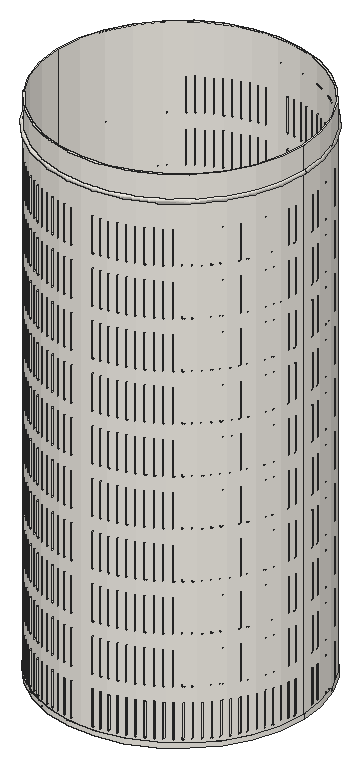
Revit family "Air Terminals_IQA", category Air Terminals, Revit 2017 (continued)
Definition of nested family "Void 3"
  Forms (mm)
    Extrusion 29, void
      sketch origin (0.003, -0.003, 240) x (0.685321, 0.728241, 0) y (0, 0, 1)
        loop
          arc (2.5, 100) -> (0, 102.5) -> (-2.5, 100) r 2.5
          line (-2.5, 100) -> (-2.5, 20)
          arc (-2.5, 20) -> (0, 17.5) -> (2.5, 20) r 2.5
          line (2.5, 20) -> (2.5, 100)
      from -319.154 to 326.21
    Extrusion 30, void
      sketch origin (-0.003, -0.003, 240) x (0.639876, -0.768478, 0) y (0, 0, 1)
        loop
          arc (2.5, 100) -> (0, 102.5) -> (-2.5, 100) r 2.5
          line (-2.5, 100) -> (-2.5, 20)
          arc (-2.5, 20) -> (0, 17.5) -> (2.5, 20) r 2.5
          line (2.5, 20) -> (2.5, 100)
      from -319.154 to 326.21
    Extrusion 31, void
      sketch origin (-0.003, -0.003, 240) x (0.592074, -0.805883, 0) y (0, 0, 1)
        loop
          arc (2.5, 100) -> (0, 102.5) -> (-2.5, 100) r 2.5
          line (-2.5, 100) -> (-2.5, 20)
          arc (-2.5, 20) -> (0, 17.5) -> (2.5, 20) r 2.5
          line (2.5, 20) -> (2.5, 100)
      from -319.154 to 326.21
    Extrusion 32, void
      sketch origin (-0.004, -0.002, 240) x (0.542091, -0.84032, 0) y (0, 0, 1)
        loop
          arc (2.5, 100) -> (0, 102.5) -> (-2.5, 100) r 2.5
          line (-2.5, 100) -> (-2.5, 20)
          arc (-2.5, 20) -> (0, 17.5) -> (2.5, 20) r 2.5
          line (2.5, 20) -> (2.5, 100)
      from -319.154 to 326.21
    Extrusion 33, void
      sketch origin (-0.004, -0.002, 240) x (0.49011, -0.87166, 0) y (0, 0, 1)
        loop
          arc (2.5, 100) -> (0, 102.5) -> (-2.5, 100) r 2.5
          line (-2.5, 100) -> (-2.5, 20)
          arc (-2.5, 20) -> (0, 17.5) -> (2.5, 20) r 2.5
          line (2.5, 20) -> (2.5, 100)
      from -319.154 to 326.21
    Extrusion 34, void
      sketch origin (-0.004, -0.002, 240) x (0.436324, -0.89979, 0) y (0, 0, 1)
        loop
          arc (2.5, 100) -> (0, 102.5) -> (-2.5, 100) r 2.5
          line (-2.5, 100) -> (-2.5, 20)
          arc (-2.5, 20) -> (0, 17.5) -> (2.5, 20) r 2.5
          line (2.5, 20) -> (2.5, 100)
      from -319.154 to 326.21
    Extrusion 35, void
      sketch origin (-0.004, -0.002, 240) x (0.38093, -0.924604, 0) y (0, 0, 1)
        loop
          arc (2.5, 100) -> (0, 102.5) -> (-2.5, 100) r 2.5
          line (-2.5, 100) -> (-2.5, 20)
          arc (-2.5, 20) -> (0, 17.5) -> (2.5, 20) r 2.5
          line (2.5, 20) -> (2.5, 100)
      from -319.154 to 326.21
    Extrusion 36, void
      sketch origin (-0.004, -0.001, 240) x (0.324133, -0.946012, 0) y (0, 0, 1)
        loop
          arc (2.5, 100) -> (0, 102.5) -> (-2.5, 100) r 2.5
          line (-2.5, 100) -> (-2.5, 20)
          arc (-2.5, 20) -> (0, 17.5) -> (2.5, 20) r 2.5
          line (2.5, 20) -> (2.5, 100)
      from -319.154 to 326.21
    Extrusion 37, void
      sketch origin (-0.004, -0.001, 240) x (0.266141, -0.963934, 0) y (0, 0, 1)
        loop
          arc (2.5, 100) -> (0, 102.5) -> (-2.5, 100) r 2.5
          line (-2.5, 100) -> (-2.5, 20)
          arc (-2.5, 20) -> (0, 17.5) -> (2.5, 20) r 2.5
          line (2.5, 20) -> (2.5, 100)
      from -319.154 to 326.21
    Extrusion 38, void
      sketch origin (-0.004, -0.001, 240) x (0.207169, -0.978305, 0) y (0, 0, 1)
        loop
          arc (2.5, 100) -> (0, 102.5) -> (-2.5, 100) r 2.5
          line (-2.5, 100) -> (-2.5, 20)
          arc (-2.5, 20) -> (0, 17.5) -> (2.5, 20) r 2.5
          line (2.5, 20) -> (2.5, 100)
      from -319.154 to 326.21
    Extrusion 39, void
      sketch origin (-0.004, -0.001, 240) x (0.147434, -0.989072, 0) y (0, 0, 1)
        loop
          arc (2.5, 100) -> (0, 102.5) -> (-2.5, 100) r 2.5
          line (-2.5, 100) -> (-2.5, 20)
          arc (-2.5, 20) -> (0, 17.5) -> (2.5, 20) r 2.5
          line (2.5, 20) -> (2.5, 100)
      from -319.154 to 326.21
    Extrusion 40, void
      sketch origin (0.003, -0.003, 240) x (0.639876, 0.768478, 0) y (0, 0, 1)
        loop
          arc (2.5, 100) -> (0, 102.5) -> (-2.5, 100) r 2.5
          line (-2.5, 100) -> (-2.5, 20)
          arc (-2.5, 20) -> (0, 17.5) -> (2.5, 20) r 2.5
          line (2.5, 20) -> (2.5, 100)
      from -319.154 to 326.21
    Extrusion 41, void
      sketch origin (0.003, -0.003, 240) x (0.592074, 0.805883, 0) y (0, 0, 1)
        loop
          arc (2.5, 100) -> (0, 102.5) -> (-2.5, 100) r 2.5
          line (-2.5, 100) -> (-2.5, 20)
          arc (-2.5, 20) -> (0, 17.5) -> (2.5, 20) r 2.5
          line (2.5, 20) -> (2.5, 100)
      from -319.154 to 326.21
    Extrusion 42, void
      sketch origin (0.004, -0.002, 240) x (0.542091, 0.84032, 0) y (0, 0, 1)
        loop
          arc (2.5, 100) -> (0, 102.5) -> (-2.5, 100) r 2.5
          line (-2.5, 100) -> (-2.5, 20)
          arc (-2.5, 20) -> (0, 17.5) -> (2.5, 20) r 2.5
          line (2.5, 20) -> (2.5, 100)
      from -319.154 to 326.21
    Extrusion 43, void
      sketch origin (0.004, -0.002, 240) x (0.49011, 0.87166, 0) y (0, 0, 1)
        loop
          arc (2.5, 100) -> (0, 102.5) -> (-2.5, 100) r 2.5
          line (-2.5, 100) -> (-2.5, 20)
          arc (-2.5, 20) -> (0, 17.5) -> (2.5, 20) r 2.5
          line (2.5, 20) -> (2.5, 100)
      from -319.154 to 326.21
    Extrusion 44, void
      sketch origin (0.004, -0.002, 240) x (0.436324, 0.89979, 0) y (0, 0, 1)
        loop
          arc (2.5, 100) -> (0, 102.5) -> (-2.5, 100) r 2.5
          line (-2.5, 100) -> (-2.5, 20)
          arc (-2.5, 20) -> (0, 17.5) -> (2.5, 20) r 2.5
          line (2.5, 20) -> (2.5, 100)
      from -319.154 to 326.21
    Extrusion 45, void
      sketch origin (0.004, -0.002, 240) x (0.38093, 0.924604, 0) y (0, 0, 1)
        loop
          arc (2.5, 100) -> (0, 102.5) -> (-2.5, 100) r 2.5
          line (-2.5, 100) -> (-2.5, 20)
          arc (-2.5, 20) -> (0, 17.5) -> (2.5, 20) r 2.5
          line (2.5, 20) -> (2.5, 100)
      from -319.154 to 326.21
    Extrusion 46, void
      sketch origin (0.004, -0.001, 240) x (0.324133, 0.946012, 0) y (0, 0, 1)
        loop
          arc (2.5, 100) -> (0, 102.5) -> (-2.5, 100) r 2.5
          line (-2.5, 100) -> (-2.5, 20)
          arc (-2.5, 20) -> (0, 17.5) -> (2.5, 20) r 2.5
          line (2.5, 20) -> (2.5, 100)
      from -319.154 to 326.21
    Extrusion 47, void
      sketch origin (0.004, -0.001, 240) x (0.266141, 0.963934, 0) y (0, 0, 1)
        loop
          arc (2.5, 100) -> (0, 102.5) -> (-2.5, 100) r 2.5
          line (-2.5, 100) -> (-2.5, 20)
          arc (-2.5, 20) -> (0, 17.5) -> (2.5, 20) r 2.5
          line (2.5, 20) -> (2.5, 100)
      from -319.154 to 326.21
    Extrusion 48, void
      sketch origin (0.004, -0.001, 240) x (0.207169, 0.978305, 0) y (0, 0, 1)
        loop
          arc (2.5, 100) -> (0, 102.5) -> (-2.5, 100) r 2.5
          line (-2.5, 100) -> (-2.5, 20)
          arc (-2.5, 20) -> (0, 17.5) -> (2.5, 20) r 2.5
          line (2.5, 20) -> (2.5, 100)
      from -319.154 to 326.21
    Extrusion 49, void
      sketch origin (0.004, -0.001, 240) x (0.147434, 0.989072, 0) y (0, 0, 1)
        loop
          arc (2.5, 100) -> (0, 102.5) -> (-2.5, 100) r 2.5
          line (-2.5, 100) -> (-2.5, 20)
          arc (-2.5, 20) -> (0, 17.5) -> (2.5, 20) r 2.5
          line (2.5, 20) -> (2.5, 100)
      from -319.154 to 326.21
  Cuts and joins
    Extrusion 2, Extrusion 3, Extrusion 4, Extrusion 5, Extrusion 6, Extrusion 7, Extrusion 8, Extrusion 9, Extrusion 10, Extrusion 11, Extrusion 12, Extrusion 13, Extrusion 14, Extrusion 15, Extrusion 16, Extrusion 17, Extrusion 18, Extrusion 19, Extrusion 20, Extrusion 21, Extrusion 22, Extrusion 23, Extrusion 24, Extrusion 25, Extrusion 26, Extrusion 27, Extrusion 28, Extrusion 29, Extrusion 30, Extrusion 31, Extrusion 32, Extrusion 33, Extrusion 34, Extrusion 35, Extrusion 36, Extrusion 37, Extrusion 38, Extrusion 39, Extrusion 40, Extrusion 41, Extrusion 42, Extrusion 43, Extrusion 44, Extrusion 45, Extrusion 46, Extrusion 47, Extrusion 48, Extrusion 49 cuts Extrusion 1
  Dimensions and locks
    "Maß A": plane 4 to level
    "Maß ØD-4": diameter of Extrusion 1 sketch curve
    "Maß ØD": diameter of Extrusion 1 sketch curve
    aligned and locked: level to plane 2
    aligned and locked: plane 4 to Extrusion 1
  Automatic sketch dimensions
    Extrusion 2 sketch curve to Extrusion 2 sketch curve = 2.5 mm
    Extrusion 2 sketch curve to Extrusion 2 sketch curve = 80.0 mm
    Extrusion 3 sketch curve to Extrusion 3 sketch curve = 2.5 mm
    Extrusion 3 sketch curve to Extrusion 3 sketch curve = 80.0 mm
    Extrusion 4 sketch curve to Extrusion 4 sketch curve = 2.5 mm
    Extrusion 4 sketch curve to Extrusion 4 sketch curve = 80.0 mm
    Extrusion 5 sketch curve to Extrusion 5 sketch curve = 2.5 mm
    Extrusion 5 sketch curve to Extrusion 5 sketch curve = 80.0 mm
    Extrusion 6 sketch curve to Extrusion 6 sketch curve = 2.5 mm
    Extrusion 6 sketch curve to Extrusion 6 sketch curve = 80.0 mm
    Extrusion 7 sketch curve to Extrusion 7 sketch curve = 2.5 mm
    Extrusion 7 sketch curve to Extrusion 7 sketch curve = 80.0 mm
    Extrusion 8 sketch curve to Extrusion 8 sketch curve = 2.5 mm
    Extrusion 8 sketch curve to Extrusion 8 sketch curve = 80.0 mm
    Extrusion 9 sketch curve to Extrusion 9 sketch curve = 2.5 mm
    Extrusion 9 sketch curve to Extrusion 9 sketch curve = 80.0 mm
    Extrusion 10 sketch curve to Extrusion 10 sketch curve = 2.5 mm
    Extrusion 10 sketch curve to Extrusion 10 sketch curve = 80.0 mm
    Extrusion 11 sketch curve to Extrusion 11 sketch curve = 2.5 mm
    Extrusion 11 sketch curve to Extrusion 11 sketch curve = 80.0 mm
    Extrusion 12 sketch curve to Extrusion 12 sketch curve = 2.5 mm
    Extrusion 12 sketch curve to Extrusion 12 sketch curve = 80.0 mm
    Extrusion 13 sketch curve to Extrusion 13 sketch curve = 2.5 mm
    Extrusion 13 sketch curve to Extrusion 13 sketch curve = 80.0 mm
    Extrusion 14 sketch curve to Extrusion 14 sketch curve = 2.5 mm
    Extrusion 14 sketch curve to Extrusion 14 sketch curve = 80.0 mm
    Extrusion 15 sketch curve to Extrusion 15 sketch curve = 2.5 mm
    Extrusion 15 sketch curve to Extrusion 15 sketch curve = 80.0 mm
    Extrusion 16 sketch curve to Extrusion 16 sketch curve = 2.5 mm
    Extrusion 16 sketch curve to Extrusion 16 sketch curve = 80.0 mm
    Extrusion 17 sketch curve to Extrusion 17 sketch curve = 2.5 mm
    Extrusion 17 sketch curve to Extrusion 17 sketch curve = 80.0 mm
    Extrusion 18 sketch curve to Extrusion 18 sketch curve = 2.5 mm
    Extrusion 18 sketch curve to Extrusion 18 sketch curve = 80.0 mm
    Extrusion 19 sketch curve to Extrusion 19 sketch curve = 2.5 mm
    Extrusion 19 sketch curve to Extrusion 19 sketch curve = 80.0 mm
    Extrusion 20 sketch curve to Extrusion 20 sketch curve = 2.5 mm
    Extrusion 20 sketch curve to Extrusion 20 sketch curve = 80.0 mm
    Extrusion 21 sketch curve to Extrusion 21 sketch curve = 2.5 mm
    Extrusion 21 sketch curve to Extrusion 21 sketch curve = 80.0 mm
    Extrusion 22 sketch curve to Extrusion 22 sketch curve = 2.5 mm
    Extrusion 22 sketch curve to Extrusion 22 sketch curve = 80.0 mm
    Extrusion 23 sketch curve to Extrusion 23 sketch curve = 2.5 mm
    Extrusion 23 sketch curve to Extrusion 23 sketch curve = 80.0 mm
    Extrusion 24 sketch curve to Extrusion 24 sketch curve = 2.5 mm
    Extrusion 24 sketch curve to Extrusion 24 sketch curve = 80.0 mm
    Extrusion 25 sketch curve to Extrusion 25 sketch curve = 2.5 mm
    Extrusion 25 sketch curve to Extrusion 25 sketch curve = 80.0 mm
    Extrusion 26 sketch curve to Extrusion 26 sketch curve = 2.5 mm
    Extrusion 26 sketch curve to Extrusion 26 sketch curve = 80.0 mm
    Extrusion 27 sketch curve to Extrusion 27 sketch curve = 2.5 mm
    Extrusion 27 sketch curve to Extrusion 27 sketch curve = 80.0 mm
    Extrusion 28 sketch curve to Extrusion 28 sketch curve = 2.5 mm
    Extrusion 28 sketch curve to Extrusion 28 sketch curve = 80.0 mm
    Extrusion 29 sketch curve to Extrusion 29 sketch curve = 2.5 mm
    Extrusion 29 sketch curve to Extrusion 29 sketch curve = 80.0 mm
    Extrusion 30 sketch curve to Extrusion 30 sketch curve = 2.5 mm
    Extrusion 30 sketch curve to Extrusion 30 sketch curve = 80.0 mm
    Extrusion 31 sketch curve to Extrusion 31 sketch curve = 2.5 mm
    Extrusion 31 sketch curve to Extrusion 31 sketch curve = 80.0 mm
    Extrusion 32 sketch curve to Extrusion 32 sketch curve = 2.5 mm
    Extrusion 32 sketch curve to Extrusion 32 sketch curve = 80.0 mm
    Extrusion 33 sketch curve to Extrusion 33 sketch curve = 2.5 mm
    Extrusion 33 sketch curve to Extrusion 33 sketch curve = 80.0 mm
    Extrusion 34 sketch curve to Extrusion 34 sketch curve = 2.5 mm
    Extrusion 34 sketch curve to Extrusion 34 sketch curve = 80.0 mm
    Extrusion 35 sketch curve to Extrusion 35 sketch curve = 2.5 mm
    Extrusion 35 sketch curve to Extrusion 35 sketch curve = 80.0 mm
    Extrusion 36 sketch curve to Extrusion 36 sketch curve = 2.5 mm
    Extrusion 36 sketch curve to Extrusion 36 sketch curve = 80.0 mm
    Extrusion 37 sketch curve to Extrusion 37 sketch curve = 2.5 mm
    Extrusion 37 sketch curve to Extrusion 37 sketch curve = 80.0 mm
    Extrusion 38 sketch curve to Extrusion 38 sketch curve = 2.5 mm
    Extrusion 38 sketch curve to Extrusion 38 sketch curve = 80.0 mm
    Extrusion 39 sketch curve to Extrusion 39 sketch curve = 2.5 mm
    Extrusion 39 sketch curve to Extrusion 39 sketch curve = 80.0 mm
    Extrusion 40 sketch curve to Extrusion 40 sketch curve = 2.5 mm
    Extrusion 40 sketch curve to Extrusion 40 sketch curve = 80.0 mm
    Extrusion 41 sketch curve to Extrusion 41 sketch curve = 2.5 mm
    Extrusion 41 sketch curve to Extrusion 41 sketch curve = 80.0 mm
    Extrusion 42 sketch curve to Extrusion 42 sketch curve = 2.5 mm
    Extrusion 42 sketch curve to Extrusion 42 sketch curve = 80.0 mm
    Extrusion 43 sketch curve to Extrusion 43 sketch curve = 2.5 mm
    Extrusion 43 sketch curve to Extrusion 43 sketch curve = 80.0 mm
    Extrusion 44 sketch curve to Extrusion 44 sketch curve = 2.5 mm
    Extrusion 44 sketch curve to Extrusion 44 sketch curve = 80.0 mm
    Extrusion 45 sketch curve to Extrusion 45 sketch curve = 2.5 mm
    Extrusion 45 sketch curve to Extrusion 45 sketch curve = 80.0 mm
    Extrusion 46 sketch curve to Extrusion 46 sketch curve = 2.5 mm
    Extrusion 46 sketch curve to Extrusion 46 sketch curve = 80.0 mm
    Extrusion 47 sketch curve to Extrusion 47 sketch curve = 2.5 mm
    Extrusion 47 sketch curve to Extrusion 47 sketch curve = 80.0 mm
    Extrusion 48 sketch curve to Extrusion 48 sketch curve = 2.5 mm
    Extrusion 48 sketch curve to Extrusion 48 sketch curve = 80.0 mm
    Extrusion 49 sketch curve to Extrusion 49 sketch curve = 2.5 mm
    Extrusion 49 sketch curve to Extrusion 49 sketch curve = 80.0 mm
    Extrusion 1 sketch curve to Extrusion 1 sketch curve = 0.0 mm  (x2)
    plane 1 "Center (Front/Back)" to Extrusion 1 sketch curve = 0.0 mm
    Extrusion 1 sketch curve to plane 3 "Center (Left/Right)" = 0.0 mm
Definition of nested family "Void 4"
  Parameters (values of type "Void 4")
    Maß ØD-4 = Maß ØD - 6.0 mm  # 242.0 mm
    Maß ØD = 248.0 mm
    Maß A = 1059.5 mm
    Array radial = 14
  Reference planes
    plane 1 "Center (Front/Back)": y = 0
    plane 2: z = 0
    plane 3 "Center (Left/Right)": x = 0
    plane 4: z = 1059.5
  Forms (mm)
    Extrusion 1, solid
      sketch origin (0, 0, 0) x (1, 0, 0) y (0, 1, 0)
        loop
          circle (0, 0) r 124
        loop
          circle (0, 0) r 121
      from 0 to 1059.5
    Extrusion 2, void
      sketch origin (0, -0.004, 360) x (0.996195, -0.087156, 0) y (0, 0, 1)
        loop
          arc (2.5, 100) -> (0, 102.5) -> (-2.5, 100) r 2.5
          line (-2.5, 100) -> (-2.5, 20)
          arc (-2.5, 20) -> (0, 17.5) -> (2.5, 20) r 2.5
          line (2.5, 20) -> (2.5, 100)
      from -319.154 to 326.21
    Extrusion 3, void
      sketch origin (0, -0.004, 360) x (0.996195, 0.087156, 0) y (0, 0, 1)
        loop
          arc (2.5, 100) -> (0, 102.5) -> (-2.5, 100) r 2.5
          line (-2.5, 100) -> (-2.5, 20)
          arc (-2.5, 20) -> (0, 17.5) -> (2.5, 20) r 2.5
          line (2.5, 20) -> (2.5, 100)
      from -319.154 to 326.21
    Extrusion 4, void
      sketch origin (-0.004, 0, 360) x (0.087156, -0.996195, 0) y (0, 0, 1)
        loop
          arc (2.5, 100) -> (0, 102.5) -> (-2.5, 100) r 2.5
          line (-2.5, 100) -> (-2.5, 20)
          arc (-2.5, 20) -> (0, 17.5) -> (2.5, 20) r 2.5
          line (2.5, 20) -> (2.5, 100)
      from -319.154 to 326.21
    Extrusion 5, void
      sketch origin (-0.001, -0.004, 360) x (0.981111, -0.193444, 0) y (0, 0, 1)
        loop
          arc (2.5, 100) -> (0, 102.5) -> (-2.5, 100) r 2.5
          line (-2.5, 100) -> (-2.5, 20)
          arc (-2.5, 20) -> (0, 17.5) -> (2.5, 20) r 2.5
          line (2.5, 20) -> (2.5, 100)
      from -319.154 to 326.21
    Extrusion 6, void
      sketch origin (-0.001, -0.004, 360) x (0.954721, -0.297503, 0) y (0, 0, 1)
        loop
          arc (2.5, 100) -> (0, 102.5) -> (-2.5, 100) r 2.5
          line (-2.5, 100) -> (-2.5, 20)
          arc (-2.5, 20) -> (0, 17.5) -> (2.5, 20) r 2.5
          line (2.5, 20) -> (2.5, 100)
      from -319.154 to 326.21
    Extrusion 7, void
      sketch origin (-0.002, -0.004, 360) x (0.917328, -0.398133, 0) y (0, 0, 1)
        loop
          arc (2.5, 100) -> (0, 102.5) -> (-2.5, 100) r 2.5
          line (-2.5, 100) -> (-2.5, 20)
          arc (-2.5, 20) -> (0, 17.5) -> (2.5, 20) r 2.5
          line (2.5, 20) -> (2.5, 100)
      from -319.154 to 326.21
    Extrusion 8, void
      sketch origin (-0.002, -0.004, 360) x (0.869362, -0.494175, 0) y (0, 0, 1)
        loop
          arc (2.5, 100) -> (0, 102.5) -> (-2.5, 100) r 2.5
          line (-2.5, 100) -> (-2.5, 20)
          arc (-2.5, 20) -> (0, 17.5) -> (2.5, 20) r 2.5
          line (2.5, 20) -> (2.5, 100)
      from -319.154 to 326.21
    Extrusion 9, void
      sketch origin (-0.002, -0.003, 360) x (0.811378, -0.584522, 0) y (0, 0, 1)
        loop
          arc (2.5, 100) -> (0, 102.5) -> (-2.5, 100) r 2.5
          line (-2.5, 100) -> (-2.5, 20)
          arc (-2.5, 20) -> (0, 17.5) -> (2.5, 20) r 2.5
          line (2.5, 20) -> (2.5, 100)
      from -319.154 to 326.21
    Extrusion 10, void
      sketch origin (-0.003, -0.003, 360) x (0.744043, -0.668132, 0) y (0, 0, 1)
        loop
          arc (2.5, 100) -> (0, 102.5) -> (-2.5, 100) r 2.5
          line (-2.5, 100) -> (-2.5, 20)
          arc (-2.5, 20) -> (0, 17.5) -> (2.5, 20) r 2.5
          line (2.5, 20) -> (2.5, 100)
      from -319.154 to 326.21
    Extrusion 11, void
      sketch origin (-0.003, -0.003, 360) x (0.668132, -0.744043, 0) y (0, 0, 1)
        loop
          arc (2.5, 100) -> (0, 102.5) -> (-2.5, 100) r 2.5
          line (-2.5, 100) -> (-2.5, 20)
          arc (-2.5, 20) -> (0, 17.5) -> (2.5, 20) r 2.5
          line (2.5, 20) -> (2.5, 100)
      from -319.154 to 326.21
    Extrusion 12, void
      sketch origin (-0.003, -0.002, 360) x (0.584522, -0.811378, 0) y (0, 0, 1)
        loop
          arc (2.5, 100) -> (0, 102.5) -> (-2.5, 100) r 2.5
          line (-2.5, 100) -> (-2.5, 20)
          arc (-2.5, 20) -> (0, 17.5) -> (2.5, 20) r 2.5
          line (2.5, 20) -> (2.5, 100)
      from -319.154 to 326.21
    Extrusion 13, void
      sketch origin (-0.004, -0.002, 360) x (0.494175, -0.869362, 0) y (0, 0, 1)
        loop
          arc (2.5, 100) -> (0, 102.5) -> (-2.5, 100) r 2.5
          line (-2.5, 100) -> (-2.5, 20)
          arc (-2.5, 20) -> (0, 17.5) -> (2.5, 20) r 2.5
          line (2.5, 20) -> (2.5, 100)
      from -319.154 to 326.21
    Extrusion 14, void
      sketch origin (-0.004, -0.002, 360) x (0.398133, -0.917328, 0) y (0, 0, 1)
        loop
          arc (2.5, 100) -> (0, 102.5) -> (-2.5, 100) r 2.5
          line (-2.5, 100) -> (-2.5, 20)
          arc (-2.5, 20) -> (0, 17.5) -> (2.5, 20) r 2.5
          line (2.5, 20) -> (2.5, 100)
      from -319.154 to 326.21
    Extrusion 15, void
      sketch origin (-0.004, -0.001, 360) x (0.297503, -0.954721, 0) y (0, 0, 1)
        loop
          arc (2.5, 100) -> (0, 102.5) -> (-2.5, 100) r 2.5
          line (-2.5, 100) -> (-2.5, 20)
          arc (-2.5, 20) -> (0, 17.5) -> (2.5, 20) r 2.5
          line (2.5, 20) -> (2.5, 100)
      from -319.154 to 326.21
    Extrusion 16, void
      sketch origin (-0.004, -0.001, 360) x (0.193444, -0.981111, 0) y (0, 0, 1)
        loop
          arc (2.5, 100) -> (0, 102.5) -> (-2.5, 100) r 2.5
          line (-2.5, 100) -> (-2.5, 20)
          arc (-2.5, 20) -> (0, 17.5) -> (2.5, 20) r 2.5
          line (2.5, 20) -> (2.5, 100)
      from -319.154 to 326.21
    Extrusion 17, void
      sketch origin (0.004, 0, 360) x (0.087156, 0.996195, 0) y (0, 0, 1)
        loop
          arc (2.5, 100) -> (0, 102.5) -> (-2.5, 100) r 2.5
          line (-2.5, 100) -> (-2.5, 20)
          arc (-2.5, 20) -> (0, 17.5) -> (2.5, 20) r 2.5
          line (2.5, 20) -> (2.5, 100)
      from -319.154 to 326.21
    Extrusion 18, void
      sketch origin (0.001, -0.004, 360) x (0.981111, 0.193444, 0) y (0, 0, 1)
        loop
          arc (2.5, 100) -> (0, 102.5) -> (-2.5, 100) r 2.5
          line (-2.5, 100) -> (-2.5, 20)
          arc (-2.5, 20) -> (0, 17.5) -> (2.5, 20) r 2.5
          line (2.5, 20) -> (2.5, 100)
      from -319.154 to 326.21
    Extrusion 19, void
      sketch origin (0.001, -0.004, 360) x (0.954721, 0.297503, 0) y (0, 0, 1)
        loop
          arc (2.5, 100) -> (0, 102.5) -> (-2.5, 100) r 2.5
          line (-2.5, 100) -> (-2.5, 20)
          arc (-2.5, 20) -> (0, 17.5) -> (2.5, 20) r 2.5
          line (2.5, 20) -> (2.5, 100)
      from -319.154 to 326.21
    Extrusion 20, void
      sketch origin (0.002, -0.004, 360) x (0.917328, 0.398133, 0) y (0, 0, 1)
        loop
          arc (2.5, 100) -> (0, 102.5) -> (-2.5, 100) r 2.5
          line (-2.5, 100) -> (-2.5, 20)
          arc (-2.5, 20) -> (0, 17.5) -> (2.5, 20) r 2.5
          line (2.5, 20) -> (2.5, 100)
      from -319.154 to 326.21
    Extrusion 21, void
      sketch origin (0.002, -0.004, 360) x (0.869362, 0.494175, 0) y (0, 0, 1)
        loop
          arc (2.5, 100) -> (0, 102.5) -> (-2.5, 100) r 2.5
          line (-2.5, 100) -> (-2.5, 20)
          arc (-2.5, 20) -> (0, 17.5) -> (2.5, 20) r 2.5
          line (2.5, 20) -> (2.5, 100)
      from -319.154 to 326.21
    Extrusion 22, void
      sketch origin (0.002, -0.003, 360) x (0.811378, 0.584522, 0) y (0, 0, 1)
        loop
          arc (2.5, 100) -> (0, 102.5) -> (-2.5, 100) r 2.5
          line (-2.5, 100) -> (-2.5, 20)
          arc (-2.5, 20) -> (0, 17.5) -> (2.5, 20) r 2.5
          line (2.5, 20) -> (2.5, 100)
      from -319.154 to 326.21
    Extrusion 23, void
      sketch origin (0.003, -0.003, 360) x (0.744043, 0.668132, 0) y (0, 0, 1)
        loop
          arc (2.5, 100) -> (0, 102.5) -> (-2.5, 100) r 2.5
          line (-2.5, 100) -> (-2.5, 20)
          arc (-2.5, 20) -> (0, 17.5) -> (2.5, 20) r 2.5
          line (2.5, 20) -> (2.5, 100)
      from -319.154 to 326.21
    Extrusion 24, void
      sketch origin (0.003, -0.003, 360) x (0.668132, 0.744043, 0) y (0, 0, 1)
        loop
          arc (2.5, 100) -> (0, 102.5) -> (-2.5, 100) r 2.5
          line (-2.5, 100) -> (-2.5, 20)
          arc (-2.5, 20) -> (0, 17.5) -> (2.5, 20) r 2.5
          line (2.5, 20) -> (2.5, 100)
      from -319.154 to 326.21
    Extrusion 25, void
      sketch origin (0.003, -0.002, 360) x (0.584522, 0.811378, 0) y (0, 0, 1)
        loop
          arc (2.5, 100) -> (0, 102.5) -> (-2.5, 100) r 2.5
          line (-2.5, 100) -> (-2.5, 20)
          arc (-2.5, 20) -> (0, 17.5) -> (2.5, 20) r 2.5
          line (2.5, 20) -> (2.5, 100)
      from -319.154 to 326.21
    Extrusion 26, void
      sketch origin (0.004, -0.002, 360) x (0.494175, 0.869362, 0) y (0, 0, 1)
        loop
          arc (2.5, 100) -> (0, 102.5) -> (-2.5, 100) r 2.5
          line (-2.5, 100) -> (-2.5, 20)
          arc (-2.5, 20) -> (0, 17.5) -> (2.5, 20) r 2.5
          line (2.5, 20) -> (2.5, 100)
      from -319.154 to 326.21
    Extrusion 27, void
      sketch origin (0.004, -0.002, 360) x (0.398133, 0.917328, 0) y (0, 0, 1)
        loop
          arc (2.5, 100) -> (0, 102.5) -> (-2.5, 100) r 2.5
          line (-2.5, 100) -> (-2.5, 20)
          arc (-2.5, 20) -> (0, 17.5) -> (2.5, 20) r 2.5
          line (2.5, 20) -> (2.5, 100)
      from -319.154 to 326.21
    Extrusion 28, void
      sketch origin (0.004, -0.001, 360) x (0.297503, 0.954721, 0) y (0, 0, 1)
        loop
          arc (2.5, 100) -> (0, 102.5) -> (-2.5, 100) r 2.5
          line (-2.5, 100) -> (-2.5, 20)
          arc (-2.5, 20) -> (0, 17.5) -> (2.5, 20) r 2.5
          line (2.5, 20) -> (2.5, 100)
      from -319.154 to 326.21
    Extrusion 29, void
      sketch origin (0.004, -0.001, 360) x (0.193444, 0.981111, 0) y (0, 0, 1)
        loop
          arc (2.5, 100) -> (0, 102.5) -> (-2.5, 100) r 2.5
          line (-2.5, 100) -> (-2.5, 20)
          arc (-2.5, 20) -> (0, 17.5) -> (2.5, 20) r 2.5
          line (2.5, 20) -> (2.5, 100)
      from -319.154 to 326.21
  Cuts and joins
    Extrusion 2, Extrusion 3, Extrusion 4, Extrusion 5, Extrusion 6, Extrusion 7, Extrusion 8, Extrusion 9, Extrusion 10, Extrusion 11, Extrusion 12, Extrusion 13, Extrusion 14, Extrusion 15, Extrusion 16, Extrusion 17, Extrusion 18, Extrusion 19, Extrusion 20, Extrusion 21, Extrusion 22, Extrusion 23, Extrusion 24, Extrusion 25, Extrusion 26, Extrusion 27, Extrusion 28, Extrusion 29 cuts Extrusion 1
  Dimensions and locks
    "Maß A": plane 4 to level
    "Maß ØD-4": diameter of Extrusion 1 sketch curve
    "Maß ØD": diameter of Extrusion 1 sketch curve
    aligned and locked: level to plane 2
    aligned and locked: plane 4 to Extrusion 1
  Automatic sketch dimensions
    Extrusion 2 sketch curve to Extrusion 2 sketch curve = 2.5 mm
    Extrusion 2 sketch curve to Extrusion 2 sketch curve = 80.0 mm
    Extrusion 3 sketch curve to Extrusion 3 sketch curve = 2.5 mm
    Extrusion 3 sketch curve to Extrusion 3 sketch curve = 80.0 mm
    Extrusion 4 sketch curve to Extrusion 4 sketch curve = 2.5 mm
    Extrusion 4 sketch curve to Extrusion 4 sketch curve = 80.0 mm
    Extrusion 5 sketch curve to Extrusion 5 sketch curve = 2.5 mm
    Extrusion 5 sketch curve to Extrusion 5 sketch curve = 80.0 mm
    Extrusion 6 sketch curve to Extrusion 6 sketch curve = 2.5 mm
    Extrusion 6 sketch curve to Extrusion 6 sketch curve = 80.0 mm
    Extrusion 7 sketch curve to Extrusion 7 sketch curve = 2.5 mm
    Extrusion 7 sketch curve to Extrusion 7 sketch curve = 80.0 mm
    Extrusion 8 sketch curve to Extrusion 8 sketch curve = 2.5 mm
    Extrusion 8 sketch curve to Extrusion 8 sketch curve = 80.0 mm
    Extrusion 9 sketch curve to Extrusion 9 sketch curve = 2.5 mm
    Extrusion 9 sketch curve to Extrusion 9 sketch curve = 80.0 mm
    Extrusion 10 sketch curve to Extrusion 10 sketch curve = 2.5 mm
    Extrusion 10 sketch curve to Extrusion 10 sketch curve = 80.0 mm
    Extrusion 11 sketch curve to Extrusion 11 sketch curve = 2.5 mm
    Extrusion 11 sketch curve to Extrusion 11 sketch curve = 80.0 mm
    Extrusion 12 sketch curve to Extrusion 12 sketch curve = 2.5 mm
    Extrusion 12 sketch curve to Extrusion 12 sketch curve = 80.0 mm
    Extrusion 13 sketch curve to Extrusion 13 sketch curve = 2.5 mm
    Extrusion 13 sketch curve to Extrusion 13 sketch curve = 80.0 mm
    Extrusion 14 sketch curve to Extrusion 14 sketch curve = 2.5 mm
    Extrusion 14 sketch curve to Extrusion 14 sketch curve = 80.0 mm
    Extrusion 15 sketch curve to Extrusion 15 sketch curve = 2.5 mm
    Extrusion 15 sketch curve to Extrusion 15 sketch curve = 80.0 mm
    Extrusion 16 sketch curve to Extrusion 16 sketch curve = 2.5 mm
    Extrusion 16 sketch curve to Extrusion 16 sketch curve = 80.0 mm
    Extrusion 17 sketch curve to Extrusion 17 sketch curve = 2.5 mm
    Extrusion 17 sketch curve to Extrusion 17 sketch curve = 80.0 mm
    Extrusion 18 sketch curve to Extrusion 18 sketch curve = 2.5 mm
    Extrusion 18 sketch curve to Extrusion 18 sketch curve = 80.0 mm
    Extrusion 19 sketch curve to Extrusion 19 sketch curve = 2.5 mm
    Extrusion 19 sketch curve to Extrusion 19 sketch curve = 80.0 mm
    Extrusion 20 sketch curve to Extrusion 20 sketch curve = 2.5 mm
    Extrusion 20 sketch curve to Extrusion 20 sketch curve = 80.0 mm
    Extrusion 21 sketch curve to Extrusion 21 sketch curve = 2.5 mm
    Extrusion 21 sketch curve to Extrusion 21 sketch curve = 80.0 mm
    Extrusion 22 sketch curve to Extrusion 22 sketch curve = 2.5 mm
    Extrusion 22 sketch curve to Extrusion 22 sketch curve = 80.0 mm
    Extrusion 23 sketch curve to Extrusion 23 sketch curve = 2.5 mm
    Extrusion 23 sketch curve to Extrusion 23 sketch curve = 80.0 mm
    Extrusion 24 sketch curve to Extrusion 24 sketch curve = 2.5 mm
    Extrusion 24 sketch curve to Extrusion 24 sketch curve = 80.0 mm
    Extrusion 25 sketch curve to Extrusion 25 sketch curve = 2.5 mm
    Extrusion 25 sketch curve to Extrusion 25 sketch curve = 80.0 mm
    Extrusion 26 sketch curve to Extrusion 26 sketch curve = 2.5 mm
    Extrusion 26 sketch curve to Extrusion 26 sketch curve = 80.0 mm
    Extrusion 27 sketch curve to Extrusion 27 sketch curve = 2.5 mm
    Extrusion 27 sketch curve to Extrusion 27 sketch curve = 80.0 mm
    Extrusion 28 sketch curve to Extrusion 28 sketch curve = 2.5 mm
    Extrusion 28 sketch curve to Extrusion 28 sketch curve = 80.0 mm
    Extrusion 29 sketch curve to Extrusion 29 sketch curve = 2.5 mm
    Extrusion 29 sketch curve to Extrusion 29 sketch curve = 80.0 mm
    Extrusion 1 sketch curve to Extrusion 1 sketch curve = 0.0 mm  (x2)
    plane 1 "Center (Front/Back)" to Extrusion 1 sketch curve = 0.0 mm
    Extrusion 1 sketch curve to plane 3 "Center (Left/Right)" = 0.0 mm
Definition of nested family "Void 5"
  Parameters (values of type "Void 5")
    Maß ØD-4 = Maß ØD - 6.0 mm  # 242.0 mm
    Maß ØD = 248.0 mm
    Maß A = 1059.5 mm
    Array radial = 14
  Reference planes
    plane 1 "Center (Front/Back)": y = 0
    plane 2: z = 0
    plane 3 "Center (Left/Right)": x = 0
    plane 4: z = 1059.5
  Forms (mm)
    Extrusion 1, solid
      sketch origin (0, 0, 0) x (1, 0, 0) y (0, 1, 0)
        loop
          circle (0, 0) r 124
        loop
          circle (0, 0) r 121
      from 0 to 1059.5
    Extrusion 2, void
      sketch origin (0, -0.004, 480) x (0.996195, -0.087156, 0) y (0, 0, 1)
        loop
          arc (2.5, 100) -> (0, 102.5) -> (-2.5, 100) r 2.5
          line (-2.5, 100) -> (-2.5, 20)
          arc (-2.5, 20) -> (0, 17.5) -> (2.5, 20) r 2.5
          line (2.5, 20) -> (2.5, 100)
      from -319.154 to 326.21
    Extrusion 3, void
      sketch origin (0, -0.004, 480) x (0.996195, 0.087156, 0) y (0, 0, 1)
        loop
          arc (2.5, 100) -> (0, 102.5) -> (-2.5, 100) r 2.5
          line (-2.5, 100) -> (-2.5, 20)
          arc (-2.5, 20) -> (0, 17.5) -> (2.5, 20) r 2.5
          line (2.5, 20) -> (2.5, 100)
      from -319.154 to 326.21
    Extrusion 4, void
      sketch origin (-0.004, 0, 480) x (0.087156, -0.996195, 0) y (0, 0, 1)
        loop
          arc (2.5, 100) -> (0, 102.5) -> (-2.5, 100) r 2.5
          line (-2.5, 100) -> (-2.5, 20)
          arc (-2.5, 20) -> (0, 17.5) -> (2.5, 20) r 2.5
          line (2.5, 20) -> (2.5, 100)
      from -319.154 to 326.21
    Extrusion 5, void
      sketch origin (-0.001, -0.004, 480) x (0.981111, -0.193444, 0) y (0, 0, 1)
        loop
          arc (2.5, 100) -> (0, 102.5) -> (-2.5, 100) r 2.5
          line (-2.5, 100) -> (-2.5, 20)
          arc (-2.5, 20) -> (0, 17.5) -> (2.5, 20) r 2.5
          line (2.5, 20) -> (2.5, 100)
      from -319.154 to 326.21
    Extrusion 6, void
      sketch origin (-0.001, -0.004, 480) x (0.954721, -0.297503, 0) y (0, 0, 1)
        loop
          arc (2.5, 100) -> (0, 102.5) -> (-2.5, 100) r 2.5
          line (-2.5, 100) -> (-2.5, 20)
          arc (-2.5, 20) -> (0, 17.5) -> (2.5, 20) r 2.5
          line (2.5, 20) -> (2.5, 100)
      from -319.154 to 326.21
    Extrusion 7, void
      sketch origin (-0.002, -0.004, 480) x (0.917328, -0.398133, 0) y (0, 0, 1)
        loop
          arc (2.5, 100) -> (0, 102.5) -> (-2.5, 100) r 2.5
          line (-2.5, 100) -> (-2.5, 20)
          arc (-2.5, 20) -> (0, 17.5) -> (2.5, 20) r 2.5
          line (2.5, 20) -> (2.5, 100)
      from -319.154 to 326.21
    Extrusion 8, void
      sketch origin (-0.002, -0.004, 480) x (0.869362, -0.494175, 0) y (0, 0, 1)
        loop
          arc (2.5, 100) -> (0, 102.5) -> (-2.5, 100) r 2.5
          line (-2.5, 100) -> (-2.5, 20)
          arc (-2.5, 20) -> (0, 17.5) -> (2.5, 20) r 2.5
          line (2.5, 20) -> (2.5, 100)
      from -319.154 to 326.21
    Extrusion 9, void
      sketch origin (-0.002, -0.003, 480) x (0.811378, -0.584522, 0) y (0, 0, 1)
        loop
          arc (2.5, 100) -> (0, 102.5) -> (-2.5, 100) r 2.5
          line (-2.5, 100) -> (-2.5, 20)
          arc (-2.5, 20) -> (0, 17.5) -> (2.5, 20) r 2.5
          line (2.5, 20) -> (2.5, 100)
      from -319.154 to 326.21
    Extrusion 10, void
      sketch origin (-0.003, -0.003, 480) x (0.744043, -0.668132, 0) y (0, 0, 1)
        loop
          arc (2.5, 100) -> (0, 102.5) -> (-2.5, 100) r 2.5
          line (-2.5, 100) -> (-2.5, 20)
          arc (-2.5, 20) -> (0, 17.5) -> (2.5, 20) r 2.5
          line (2.5, 20) -> (2.5, 100)
      from -319.154 to 326.21
    Extrusion 11, void
      sketch origin (-0.003, -0.003, 480) x (0.668132, -0.744043, 0) y (0, 0, 1)
        loop
          arc (2.5, 100) -> (0, 102.5) -> (-2.5, 100) r 2.5
          line (-2.5, 100) -> (-2.5, 20)
          arc (-2.5, 20) -> (0, 17.5) -> (2.5, 20) r 2.5
          line (2.5, 20) -> (2.5, 100)
      from -319.154 to 326.21
    Extrusion 12, void
      sketch origin (-0.003, -0.002, 480) x (0.584522, -0.811378, 0) y (0, 0, 1)
        loop
          arc (2.5, 100) -> (0, 102.5) -> (-2.5, 100) r 2.5
          line (-2.5, 100) -> (-2.5, 20)
          arc (-2.5, 20) -> (0, 17.5) -> (2.5, 20) r 2.5
          line (2.5, 20) -> (2.5, 100)
      from -319.154 to 326.21
    Extrusion 13, void
      sketch origin (-0.004, -0.002, 480) x (0.494175, -0.869362, 0) y (0, 0, 1)
        loop
          arc (2.5, 100) -> (0, 102.5) -> (-2.5, 100) r 2.5
          line (-2.5, 100) -> (-2.5, 20)
          arc (-2.5, 20) -> (0, 17.5) -> (2.5, 20) r 2.5
          line (2.5, 20) -> (2.5, 100)
      from -319.154 to 326.21
    Extrusion 14, void
      sketch origin (-0.004, -0.002, 480) x (0.398133, -0.917328, 0) y (0, 0, 1)
        loop
          arc (2.5, 100) -> (0, 102.5) -> (-2.5, 100) r 2.5
          line (-2.5, 100) -> (-2.5, 20)
          arc (-2.5, 20) -> (0, 17.5) -> (2.5, 20) r 2.5
          line (2.5, 20) -> (2.5, 100)
      from -319.154 to 326.21
    Extrusion 15, void
      sketch origin (-0.004, -0.001, 480) x (0.297503, -0.954721, 0) y (0, 0, 1)
        loop
          arc (2.5, 100) -> (0, 102.5) -> (-2.5, 100) r 2.5
          line (-2.5, 100) -> (-2.5, 20)
          arc (-2.5, 20) -> (0, 17.5) -> (2.5, 20) r 2.5
          line (2.5, 20) -> (2.5, 100)
      from -319.154 to 326.21
    Extrusion 16, void
      sketch origin (-0.004, -0.001, 480) x (0.193444, -0.981111, 0) y (0, 0, 1)
        loop
          arc (2.5, 100) -> (0, 102.5) -> (-2.5, 100) r 2.5
          line (-2.5, 100) -> (-2.5, 20)
          arc (-2.5, 20) -> (0, 17.5) -> (2.5, 20) r 2.5
          line (2.5, 20) -> (2.5, 100)
      from -319.154 to 326.21
    Extrusion 17, void
      sketch origin (0.004, 0, 480) x (0.087156, 0.996195, 0) y (0, 0, 1)
        loop
          arc (2.5, 100) -> (0, 102.5) -> (-2.5, 100) r 2.5
          line (-2.5, 100) -> (-2.5, 20)
          arc (-2.5, 20) -> (0, 17.5) -> (2.5, 20) r 2.5
          line (2.5, 20) -> (2.5, 100)
      from -319.154 to 326.21
    Extrusion 18, void
      sketch origin (0.001, -0.004, 480) x (0.981111, 0.193444, 0) y (0, 0, 1)
        loop
          arc (2.5, 100) -> (0, 102.5) -> (-2.5, 100) r 2.5
          line (-2.5, 100) -> (-2.5, 20)
          arc (-2.5, 20) -> (0, 17.5) -> (2.5, 20) r 2.5
          line (2.5, 20) -> (2.5, 100)
      from -319.154 to 326.21
    Extrusion 19, void
      sketch origin (0.001, -0.004, 480) x (0.954721, 0.297503, 0) y (0, 0, 1)
        loop
          arc (2.5, 100) -> (0, 102.5) -> (-2.5, 100) r 2.5
          line (-2.5, 100) -> (-2.5, 20)
          arc (-2.5, 20) -> (0, 17.5) -> (2.5, 20) r 2.5
          line (2.5, 20) -> (2.5, 100)
      from -319.154 to 326.21
    Extrusion 20, void
      sketch origin (0.002, -0.004, 480) x (0.917328, 0.398133, 0) y (0, 0, 1)
        loop
          arc (2.5, 100) -> (0, 102.5) -> (-2.5, 100) r 2.5
          line (-2.5, 100) -> (-2.5, 20)
          arc (-2.5, 20) -> (0, 17.5) -> (2.5, 20) r 2.5
          line (2.5, 20) -> (2.5, 100)
      from -319.154 to 326.21
    Extrusion 21, void
      sketch origin (0.002, -0.004, 480) x (0.869362, 0.494175, 0) y (0, 0, 1)
        loop
          arc (2.5, 100) -> (0, 102.5) -> (-2.5, 100) r 2.5
          line (-2.5, 100) -> (-2.5, 20)
          arc (-2.5, 20) -> (0, 17.5) -> (2.5, 20) r 2.5
          line (2.5, 20) -> (2.5, 100)
      from -319.154 to 326.21
    Extrusion 22, void
      sketch origin (0.002, -0.003, 480) x (0.811378, 0.584522, 0) y (0, 0, 1)
        loop
          arc (2.5, 100) -> (0, 102.5) -> (-2.5, 100) r 2.5
          line (-2.5, 100) -> (-2.5, 20)
          arc (-2.5, 20) -> (0, 17.5) -> (2.5, 20) r 2.5
          line (2.5, 20) -> (2.5, 100)
      from -319.154 to 326.21
    Extrusion 23, void
      sketch origin (0.003, -0.003, 480) x (0.744043, 0.668132, 0) y (0, 0, 1)
        loop
          arc (2.5, 100) -> (0, 102.5) -> (-2.5, 100) r 2.5
          line (-2.5, 100) -> (-2.5, 20)
          arc (-2.5, 20) -> (0, 17.5) -> (2.5, 20) r 2.5
          line (2.5, 20) -> (2.5, 100)
      from -319.154 to 326.21
    Extrusion 24, void
      sketch origin (0.003, -0.003, 480) x (0.668132, 0.744043, 0) y (0, 0, 1)
        loop
          arc (2.5, 100) -> (0, 102.5) -> (-2.5, 100) r 2.5
          line (-2.5, 100) -> (-2.5, 20)
          arc (-2.5, 20) -> (0, 17.5) -> (2.5, 20) r 2.5
          line (2.5, 20) -> (2.5, 100)
      from -319.154 to 326.21
    Extrusion 25, void
      sketch origin (0.003, -0.002, 480) x (0.584522, 0.811378, 0) y (0, 0, 1)
        loop
          arc (2.5, 100) -> (0, 102.5) -> (-2.5, 100) r 2.5
          line (-2.5, 100) -> (-2.5, 20)
          arc (-2.5, 20) -> (0, 17.5) -> (2.5, 20) r 2.5
          line (2.5, 20) -> (2.5, 100)
      from -319.154 to 326.21
    Extrusion 26, void
      sketch origin (0.004, -0.002, 480) x (0.494175, 0.869362, 0) y (0, 0, 1)
        loop
          arc (2.5, 100) -> (0, 102.5) -> (-2.5, 100) r 2.5
          line (-2.5, 100) -> (-2.5, 20)
          arc (-2.5, 20) -> (0, 17.5) -> (2.5, 20) r 2.5
          line (2.5, 20) -> (2.5, 100)
      from -319.154 to 326.21
    Extrusion 27, void
      sketch origin (0.004, -0.002, 480) x (0.398133, 0.917328, 0) y (0, 0, 1)
        loop
          arc (2.5, 100) -> (0, 102.5) -> (-2.5, 100) r 2.5
          line (-2.5, 100) -> (-2.5, 20)
          arc (-2.5, 20) -> (0, 17.5) -> (2.5, 20) r 2.5
          line (2.5, 20) -> (2.5, 100)
      from -319.154 to 326.21
    Extrusion 28, void
      sketch origin (0.004, -0.001, 480) x (0.297503, 0.954721, 0) y (0, 0, 1)
        loop
          arc (2.5, 100) -> (0, 102.5) -> (-2.5, 100) r 2.5
          line (-2.5, 100) -> (-2.5, 20)
          arc (-2.5, 20) -> (0, 17.5) -> (2.5, 20) r 2.5
          line (2.5, 20) -> (2.5, 100)
      from -319.154 to 326.21
    Extrusion 29, void
      sketch origin (0.004, -0.001, 480) x (0.193444, 0.981111, 0) y (0, 0, 1)
        loop
          arc (2.5, 100) -> (0, 102.5) -> (-2.5, 100) r 2.5
          line (-2.5, 100) -> (-2.5, 20)
          arc (-2.5, 20) -> (0, 17.5) -> (2.5, 20) r 2.5
          line (2.5, 20) -> (2.5, 100)
      from -319.154 to 326.21
  Cuts and joins
    Extrusion 2, Extrusion 3, Extrusion 4, Extrusion 5, Extrusion 6, Extrusion 7, Extrusion 8, Extrusion 9, Extrusion 10, Extrusion 11, Extrusion 12, Extrusion 13, Extrusion 14, Extrusion 15, Extrusion 16, Extrusion 17, Extrusion 18, Extrusion 19, Extrusion 20, Extrusion 21, Extrusion 22, Extrusion 23, Extrusion 24, Extrusion 25, Extrusion 26, Extrusion 27, Extrusion 28, Extrusion 29 cuts Extrusion 1
  Dimensions and locks
    "Maß A": plane 4 to level
    "Maß ØD-4": diameter of Extrusion 1 sketch curve
    "Maß ØD": diameter of Extrusion 1 sketch curve
    aligned and locked: level to plane 2
    aligned and locked: plane 4 to Extrusion 1
  Automatic sketch dimensions
    Extrusion 2 sketch curve to Extrusion 2 sketch curve = 2.5 mm
    Extrusion 2 sketch curve to Extrusion 2 sketch curve = 80.0 mm
    Extrusion 3 sketch curve to Extrusion 3 sketch curve = 2.5 mm
    Extrusion 3 sketch curve to Extrusion 3 sketch curve = 80.0 mm
    Extrusion 4 sketch curve to Extrusion 4 sketch curve = 2.5 mm
    Extrusion 4 sketch curve to Extrusion 4 sketch curve = 80.0 mm
    Extrusion 5 sketch curve to Extrusion 5 sketch curve = 2.5 mm
    Extrusion 5 sketch curve to Extrusion 5 sketch curve = 80.0 mm
    Extrusion 6 sketch curve to Extrusion 6 sketch curve = 2.5 mm
    Extrusion 6 sketch curve to Extrusion 6 sketch curve = 80.0 mm
    Extrusion 7 sketch curve to Extrusion 7 sketch curve = 2.5 mm
    Extrusion 7 sketch curve to Extrusion 7 sketch curve = 80.0 mm
    Extrusion 8 sketch curve to Extrusion 8 sketch curve = 2.5 mm
    Extrusion 8 sketch curve to Extrusion 8 sketch curve = 80.0 mm
    Extrusion 9 sketch curve to Extrusion 9 sketch curve = 2.5 mm
    Extrusion 9 sketch curve to Extrusion 9 sketch curve = 80.0 mm
    Extrusion 10 sketch curve to Extrusion 10 sketch curve = 2.5 mm
    Extrusion 10 sketch curve to Extrusion 10 sketch curve = 80.0 mm
    Extrusion 11 sketch curve to Extrusion 11 sketch curve = 2.5 mm
    Extrusion 11 sketch curve to Extrusion 11 sketch curve = 80.0 mm
    Extrusion 12 sketch curve to Extrusion 12 sketch curve = 2.5 mm
    Extrusion 12 sketch curve to Extrusion 12 sketch curve = 80.0 mm
    Extrusion 13 sketch curve to Extrusion 13 sketch curve = 2.5 mm
    Extrusion 13 sketch curve to Extrusion 13 sketch curve = 80.0 mm
    Extrusion 14 sketch curve to Extrusion 14 sketch curve = 2.5 mm
    Extrusion 14 sketch curve to Extrusion 14 sketch curve = 80.0 mm
    Extrusion 15 sketch curve to Extrusion 15 sketch curve = 2.5 mm
    Extrusion 15 sketch curve to Extrusion 15 sketch curve = 80.0 mm
    Extrusion 16 sketch curve to Extrusion 16 sketch curve = 2.5 mm
    Extrusion 16 sketch curve to Extrusion 16 sketch curve = 80.0 mm
    Extrusion 17 sketch curve to Extrusion 17 sketch curve = 2.5 mm
    Extrusion 17 sketch curve to Extrusion 17 sketch curve = 80.0 mm
    Extrusion 18 sketch curve to Extrusion 18 sketch curve = 2.5 mm
    Extrusion 18 sketch curve to Extrusion 18 sketch curve = 80.0 mm
    Extrusion 19 sketch curve to Extrusion 19 sketch curve = 2.5 mm
    Extrusion 19 sketch curve to Extrusion 19 sketch curve = 80.0 mm
    Extrusion 20 sketch curve to Extrusion 20 sketch curve = 2.5 mm
    Extrusion 20 sketch curve to Extrusion 20 sketch curve = 80.0 mm
    Extrusion 21 sketch curve to Extrusion 21 sketch curve = 2.5 mm
    Extrusion 21 sketch curve to Extrusion 21 sketch curve = 80.0 mm
    Extrusion 22 sketch curve to Extrusion 22 sketch curve = 2.5 mm
    Extrusion 22 sketch curve to Extrusion 22 sketch curve = 80.0 mm
    Extrusion 23 sketch curve to Extrusion 23 sketch curve = 2.5 mm
    Extrusion 23 sketch curve to Extrusion 23 sketch curve = 80.0 mm
    Extrusion 24 sketch curve to Extrusion 24 sketch curve = 2.5 mm
    Extrusion 24 sketch curve to Extrusion 24 sketch curve = 80.0 mm
    Extrusion 25 sketch curve to Extrusion 25 sketch curve = 2.5 mm
    Extrusion 25 sketch curve to Extrusion 25 sketch curve = 80.0 mm
    Extrusion 26 sketch curve to Extrusion 26 sketch curve = 2.5 mm
    Extrusion 26 sketch curve to Extrusion 26 sketch curve = 80.0 mm
    Extrusion 27 sketch curve to Extrusion 27 sketch curve = 2.5 mm
    Extrusion 27 sketch curve to Extrusion 27 sketch curve = 80.0 mm
    Extrusion 28 sketch curve to Extrusion 28 sketch curve = 2.5 mm
    Extrusion 28 sketch curve to Extrusion 28 sketch curve = 80.0 mm
    Extrusion 29 sketch curve to Extrusion 29 sketch curve = 2.5 mm
    Extrusion 29 sketch curve to Extrusion 29 sketch curve = 80.0 mm
    Extrusion 1 sketch curve to Extrusion 1 sketch curve = 0.0 mm  (x2)
    plane 1 "Center (Front/Back)" to Extrusion 1 sketch curve = 0.0 mm
    Extrusion 1 sketch curve to plane 3 "Center (Left/Right)" = 0.0 mm
Definition of nested family "Void 6"
  Parameters (values of type "Void 6")
    Maß ØD-4 = Maß ØD - 6.0 mm  # 242.0 mm
    Maß ØD = 248.0 mm
    Maß A = 1059.5 mm
    Array radial = 14
  Reference planes
    plane 1 "Center (Front/Back)": y = 0
    plane 2: z = 0
    plane 3 "Center (Left/Right)": x = 0
    plane 4: z = 1059.5
  Forms (mm)
    Extrusion 1, solid
      sketch origin (0, 0, 0) x (1, 0, 0) y (0, 1, 0)
        loop
          circle (0, 0) r 124
        loop
          circle (0, 0) r 121
      from 0 to 1059.5
    Extrusion 2, void, not visible
      sketch origin (0, -0.004, 0) x (0.996195, -0.087156, 0) y (0, 0, 1)
        loop
          arc (2.5, 100) -> (0, 102.5) -> (-2.5, 100) r 2.5
          line (-2.5, 100) -> (-2.5, 20)
          arc (-2.5, 20) -> (0, 17.5) -> (2.5, 20) r 2.5
          line (2.5, 20) -> (2.5, 100)
      from -319.154 to 326.21
    Extrusion 3, void, not visible
      sketch origin (0, -0.004, 0) x (0.996195, 0.087156, 0) y (0, 0, 1)
        loop
          arc (2.5, 100) -> (0, 102.5) -> (-2.5, 100) r 2.5
          line (-2.5, 100) -> (-2.5, 20)
          arc (-2.5, 20) -> (0, 17.5) -> (2.5, 20) r 2.5
          line (2.5, 20) -> (2.5, 100)
      from -319.154 to 326.21
    Extrusion 4, void
      sketch origin (0, -0.004, 600) x (0.996195, -0.087156, 0) y (0, 0, 1)
        loop
          arc (2.5, 100) -> (0, 102.5) -> (-2.5, 100) r 2.5
          line (-2.5, 100) -> (-2.5, 20)
          arc (-2.5, 20) -> (0, 17.5) -> (2.5, 20) r 2.5
          line (2.5, 20) -> (2.5, 100)
      from -319.154 to 326.21
    Extrusion 5, void
      sketch origin (0, -0.004, 600) x (0.996195, 0.087156, 0) y (0, 0, 1)
        loop
          arc (2.5, 100) -> (0, 102.5) -> (-2.5, 100) r 2.5
          line (-2.5, 100) -> (-2.5, 20)
          arc (-2.5, 20) -> (0, 17.5) -> (2.5, 20) r 2.5
          line (2.5, 20) -> (2.5, 100)
      from -319.154 to 326.21
    Extrusion 6, void
      sketch origin (-0.004, 0, 600) x (0.087156, -0.996195, 0) y (0, 0, 1)
        loop
          arc (2.5, 100) -> (0, 102.5) -> (-2.5, 100) r 2.5
          line (-2.5, 100) -> (-2.5, 20)
          arc (-2.5, 20) -> (0, 17.5) -> (2.5, 20) r 2.5
          line (2.5, 20) -> (2.5, 100)
      from -319.154 to 326.21
    Extrusion 7, void
      sketch origin (-0.001, -0.004, 600) x (0.981111, -0.193444, 0) y (0, 0, 1)
        loop
          arc (2.5, 100) -> (0, 102.5) -> (-2.5, 100) r 2.5
          line (-2.5, 100) -> (-2.5, 20)
          arc (-2.5, 20) -> (0, 17.5) -> (2.5, 20) r 2.5
          line (2.5, 20) -> (2.5, 100)
      from -319.154 to 326.21
    Extrusion 8, void
      sketch origin (-0.001, -0.004, 600) x (0.954721, -0.297503, 0) y (0, 0, 1)
        loop
          arc (2.5, 100) -> (0, 102.5) -> (-2.5, 100) r 2.5
          line (-2.5, 100) -> (-2.5, 20)
          arc (-2.5, 20) -> (0, 17.5) -> (2.5, 20) r 2.5
          line (2.5, 20) -> (2.5, 100)
      from -319.154 to 326.21
    Extrusion 9, void
      sketch origin (-0.002, -0.004, 600) x (0.917328, -0.398133, 0) y (0, 0, 1)
        loop
          arc (2.5, 100) -> (0, 102.5) -> (-2.5, 100) r 2.5
          line (-2.5, 100) -> (-2.5, 20)
          arc (-2.5, 20) -> (0, 17.5) -> (2.5, 20) r 2.5
          line (2.5, 20) -> (2.5, 100)
      from -319.154 to 326.21
    Extrusion 10, void
      sketch origin (-0.002, -0.004, 600) x (0.869362, -0.494175, 0) y (0, 0, 1)
        loop
          arc (2.5, 100) -> (0, 102.5) -> (-2.5, 100) r 2.5
          line (-2.5, 100) -> (-2.5, 20)
          arc (-2.5, 20) -> (0, 17.5) -> (2.5, 20) r 2.5
          line (2.5, 20) -> (2.5, 100)
      from -319.154 to 326.21
    Extrusion 11, void
      sketch origin (-0.002, -0.003, 600) x (0.811378, -0.584522, 0) y (0, 0, 1)
        loop
          arc (2.5, 100) -> (0, 102.5) -> (-2.5, 100) r 2.5
          line (-2.5, 100) -> (-2.5, 20)
          arc (-2.5, 20) -> (0, 17.5) -> (2.5, 20) r 2.5
          line (2.5, 20) -> (2.5, 100)
      from -319.154 to 326.21
    Extrusion 12, void
      sketch origin (-0.003, -0.003, 600) x (0.744043, -0.668132, 0) y (0, 0, 1)
        loop
          arc (2.5, 100) -> (0, 102.5) -> (-2.5, 100) r 2.5
          line (-2.5, 100) -> (-2.5, 20)
          arc (-2.5, 20) -> (0, 17.5) -> (2.5, 20) r 2.5
          line (2.5, 20) -> (2.5, 100)
      from -319.154 to 326.21
    Extrusion 13, void
      sketch origin (-0.003, -0.003, 600) x (0.668132, -0.744043, 0) y (0, 0, 1)
        loop
          arc (2.5, 100) -> (0, 102.5) -> (-2.5, 100) r 2.5
          line (-2.5, 100) -> (-2.5, 20)
          arc (-2.5, 20) -> (0, 17.5) -> (2.5, 20) r 2.5
          line (2.5, 20) -> (2.5, 100)
      from -319.154 to 326.21
    Extrusion 14, void
      sketch origin (-0.003, -0.002, 600) x (0.584522, -0.811378, 0) y (0, 0, 1)
        loop
          arc (2.5, 100) -> (0, 102.5) -> (-2.5, 100) r 2.5
          line (-2.5, 100) -> (-2.5, 20)
          arc (-2.5, 20) -> (0, 17.5) -> (2.5, 20) r 2.5
          line (2.5, 20) -> (2.5, 100)
      from -319.154 to 326.21
    Extrusion 15, void
      sketch origin (-0.004, -0.002, 600) x (0.494175, -0.869362, 0) y (0, 0, 1)
        loop
          arc (2.5, 100) -> (0, 102.5) -> (-2.5, 100) r 2.5
          line (-2.5, 100) -> (-2.5, 20)
          arc (-2.5, 20) -> (0, 17.5) -> (2.5, 20) r 2.5
          line (2.5, 20) -> (2.5, 100)
      from -319.154 to 326.21
    Extrusion 16, void
      sketch origin (-0.004, -0.002, 600) x (0.398133, -0.917328, 0) y (0, 0, 1)
        loop
          arc (2.5, 100) -> (0, 102.5) -> (-2.5, 100) r 2.5
          line (-2.5, 100) -> (-2.5, 20)
          arc (-2.5, 20) -> (0, 17.5) -> (2.5, 20) r 2.5
          line (2.5, 20) -> (2.5, 100)
      from -319.154 to 326.21
    Extrusion 17, void
      sketch origin (-0.004, -0.001, 600) x (0.297503, -0.954721, 0) y (0, 0, 1)
        loop
          arc (2.5, 100) -> (0, 102.5) -> (-2.5, 100) r 2.5
          line (-2.5, 100) -> (-2.5, 20)
          arc (-2.5, 20) -> (0, 17.5) -> (2.5, 20) r 2.5
          line (2.5, 20) -> (2.5, 100)
      from -319.154 to 326.21
    Extrusion 18, void
      sketch origin (-0.004, -0.001, 600) x (0.193444, -0.981111, 0) y (0, 0, 1)
        loop
          arc (2.5, 100) -> (0, 102.5) -> (-2.5, 100) r 2.5
          line (-2.5, 100) -> (-2.5, 20)
          arc (-2.5, 20) -> (0, 17.5) -> (2.5, 20) r 2.5
          line (2.5, 20) -> (2.5, 100)
      from -319.154 to 326.21
    Extrusion 19, void
      sketch origin (0.004, 0, 600) x (0.087156, 0.996195, 0) y (0, 0, 1)
        loop
          arc (2.5, 100) -> (0, 102.5) -> (-2.5, 100) r 2.5
          line (-2.5, 100) -> (-2.5, 20)
          arc (-2.5, 20) -> (0, 17.5) -> (2.5, 20) r 2.5
          line (2.5, 20) -> (2.5, 100)
      from -319.154 to 326.21
    Extrusion 20, void
      sketch origin (0.001, -0.004, 600) x (0.981111, 0.193444, 0) y (0, 0, 1)
        loop
          arc (2.5, 100) -> (0, 102.5) -> (-2.5, 100) r 2.5
          line (-2.5, 100) -> (-2.5, 20)
          arc (-2.5, 20) -> (0, 17.5) -> (2.5, 20) r 2.5
          line (2.5, 20) -> (2.5, 100)
      from -319.154 to 326.21
    Extrusion 21, void
      sketch origin (0.001, -0.004, 600) x (0.954721, 0.297503, 0) y (0, 0, 1)
        loop
          arc (2.5, 100) -> (0, 102.5) -> (-2.5, 100) r 2.5
          line (-2.5, 100) -> (-2.5, 20)
          arc (-2.5, 20) -> (0, 17.5) -> (2.5, 20) r 2.5
          line (2.5, 20) -> (2.5, 100)
      from -319.154 to 326.21
    Extrusion 22, void
      sketch origin (0.002, -0.004, 600) x (0.917328, 0.398133, 0) y (0, 0, 1)
        loop
          arc (2.5, 100) -> (0, 102.5) -> (-2.5, 100) r 2.5
          line (-2.5, 100) -> (-2.5, 20)
          arc (-2.5, 20) -> (0, 17.5) -> (2.5, 20) r 2.5
          line (2.5, 20) -> (2.5, 100)
      from -319.154 to 326.21
    Extrusion 23, void
      sketch origin (0.002, -0.004, 600) x (0.869362, 0.494175, 0) y (0, 0, 1)
        loop
          arc (2.5, 100) -> (0, 102.5) -> (-2.5, 100) r 2.5
          line (-2.5, 100) -> (-2.5, 20)
          arc (-2.5, 20) -> (0, 17.5) -> (2.5, 20) r 2.5
          line (2.5, 20) -> (2.5, 100)
      from -319.154 to 326.21
    Extrusion 24, void
      sketch origin (0.002, -0.003, 600) x (0.811378, 0.584522, 0) y (0, 0, 1)
        loop
          arc (2.5, 100) -> (0, 102.5) -> (-2.5, 100) r 2.5
          line (-2.5, 100) -> (-2.5, 20)
          arc (-2.5, 20) -> (0, 17.5) -> (2.5, 20) r 2.5
          line (2.5, 20) -> (2.5, 100)
      from -319.154 to 326.21
    Extrusion 25, void
      sketch origin (0.003, -0.003, 600) x (0.744043, 0.668132, 0) y (0, 0, 1)
        loop
          arc (2.5, 100) -> (0, 102.5) -> (-2.5, 100) r 2.5
          line (-2.5, 100) -> (-2.5, 20)
          arc (-2.5, 20) -> (0, 17.5) -> (2.5, 20) r 2.5
          line (2.5, 20) -> (2.5, 100)
      from -319.154 to 326.21
    Extrusion 26, void
      sketch origin (0.003, -0.003, 600) x (0.668132, 0.744043, 0) y (0, 0, 1)
        loop
          arc (2.5, 100) -> (0, 102.5) -> (-2.5, 100) r 2.5
          line (-2.5, 100) -> (-2.5, 20)
          arc (-2.5, 20) -> (0, 17.5) -> (2.5, 20) r 2.5
          line (2.5, 20) -> (2.5, 100)
      from -319.154 to 326.21
    Extrusion 27, void
      sketch origin (0.003, -0.002, 600) x (0.584522, 0.811378, 0) y (0, 0, 1)
        loop
          arc (2.5, 100) -> (0, 102.5) -> (-2.5, 100) r 2.5
          line (-2.5, 100) -> (-2.5, 20)
          arc (-2.5, 20) -> (0, 17.5) -> (2.5, 20) r 2.5
          line (2.5, 20) -> (2.5, 100)
      from -319.154 to 326.21
    Extrusion 28, void
      sketch origin (0.004, -0.002, 600) x (0.494175, 0.869362, 0) y (0, 0, 1)
        loop
          arc (2.5, 100) -> (0, 102.5) -> (-2.5, 100) r 2.5
          line (-2.5, 100) -> (-2.5, 20)
          arc (-2.5, 20) -> (0, 17.5) -> (2.5, 20) r 2.5
          line (2.5, 20) -> (2.5, 100)
      from -319.154 to 326.21
